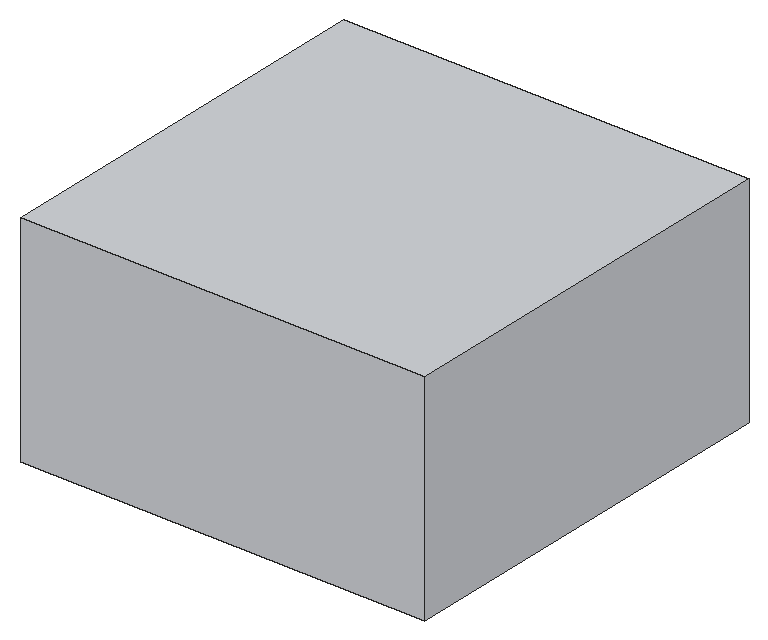
Revit family "M_Caixas de junção - Dados", category Dispositivos de dados, Revit 2019
Family settings
  Manter orientação da anotação = Sim
  Cota do conector redondo = Utilizar diâmetro
  Tipo de parte = Normal
  Número OmniClass = 23.85.50.17.11
  Título OmniClass = Computer Network Equipment
  ID de item do Seek = Junction Boxes - Data-0000-CAN-ENU
  Com base no plano de trabalho = Não
  Sempre na vertical = Sim
  Corte com vazios quando carregada = Não
  Compartilhado = Não
  Ponto de cálculo do ambiente = Não
Parameters (values of type "100 quadrados")
  Largura = 100 mm
  Altura = 100 mm
  Linear = 54 mm
Reference planes
  plane 1 "Centro (Frente/Trás)": y = 0
  plane 2: z = 0
  plane 3 "Centro (Esquerda/Direita)": x = 0
  plane 4 "Parte posterior": y = 50
  plane 5 "Parte frontal": y = -50
  plane 6 "Esquerda": x = -50
  plane 7 "Direita": x = 50
  plane 8 "Superior": z = 54
Forms (mm)
  Extrusion 1, solid
    sketch origin (0, 0, 0) x (1, 0, 0) y (0, 1, 0)
      loop
        line (-50, 50) -> (-50, -50) -> (50, -50) -> (50, 50) -> (-50, 50)
    from 0 to 54
Lines and regions (mm)
  model lines, detail levels fine
    curve 1: line (-50, 50, 0) -> (50, 50, 0)
    curve 2: line (-50, -50, 0) -> (-50, 50, 0)
    curve 3: line (50, -50, 0) -> (-50, -50, 0)
    curve 4: line (50, 50, 0) -> (50, -50, 0)
Dimensions and locks
  equal spacing: plane 6 "Esquerda", plane 3 "Centro (Esquerda/Direita)", plane 7 "Direita"
  "Altura": plane 6 "Esquerda" to plane 7 "Direita"
  equal spacing: plane 5 "Parte frontal", plane 1 "Centro (Frente/Trás)", plane 4 "Parte posterior"
  "Largura": plane 5 "Parte frontal" to plane 4 "Parte posterior"
  "Linear": plane 8 "Superior" to plane 2
  aligned and locked: plane 6 "Esquerda" to Extrusion 1 sketch curve
  aligned and locked: plane 4 "Parte posterior" to Extrusion 1 sketch curve
  aligned and locked: plane 5 "Parte frontal" to Extrusion 1 sketch curve
  aligned and locked: Extrusion 1 sketch curve to plane 7 "Direita"
  aligned and locked: plane 8 "Superior" to Extrusion 1
  aligned and locked: curve 1 to Extrusion 1  (x2)
  aligned and locked: Extrusion 1 to curve 4
  aligned and locked: curve 4 to Extrusion 1
  aligned and locked: plane 3 "Centro (Esquerda/Direita)" to nested 1
  aligned and locked: plane 1 "Centro (Frente/Trás)" to nested 1
Nested families
  nested 1: "M_Anotação das caixas de junção" at (0, 0, 0), type "M_Anotação das caixas de junção", detail levels coarse+medium
Connectors
  electrical at (0, 0, 54)
    settings: on Extrusion 1, index 1, voltage 0 V, apparent load 0 VA, apparent load phase1 0 VA, apparent load phase2 0 VA, apparent load phase3 0 VA, power factor 1, load classification "Outros", number of poles 1, system type 5, power factor state 1, is connector primary yes, connector utility no, sub classification motor no, connector description ""
Definition of nested family "M_Anotação das caixas de junção"
  Reference planes
    plane 1: y = 0
    plane 2: x = 0
  Lines and regions (mm)
    detail lines
      curve 1: circle (0, 0, 0) r 2.381 normal (0, 0, 1)
  Text (mm)
    text "J" at (0.017, 1.77, 0)
  Dimensions and locks
    aligned and locked: plane 1 to curve 1
    aligned and locked: plane 2 to curve 1
